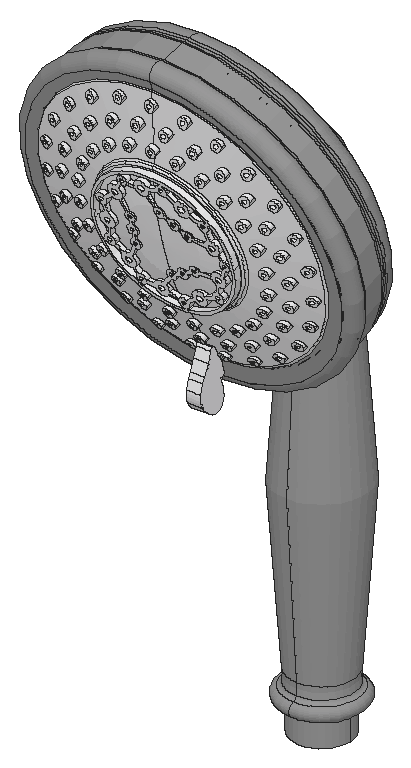
Revit family "Shower-Handshower-KOHLER-RAIN_DUET-K-98952T_1", category Plumbing Fixtures, host Face, Revit 2017 (continued)
Definition of nested family "K-98952T"
  Lines and regions (in)
    symbolic lines, detail levels medium+fine
      curve 340: spline (-1.76772, 0, 8.17619) -> (-1.77066, 0, 8.16777) -> (-1.77571, 0, 8.16058) -> (-1.7825, 0, 8.15515) -> (-1.79054, 0, 8.15185) -> (-1.79925, 0, 8.15093) -> (-1.808, 0, 8.15246) -> (-1.81617, 0, 8.15632) -> (-1.82316, 0, 8.16223) -> (-1.82846, 0, 8.16978) -> (-1.8317, 0, 8.17841) -> (-1.83265, 0, 8.1875) -> (-1.83122, 0, 8.1964)
      curve 341: spline (-1.87134, 0, 8.19255) -> (-1.86775, 0, 8.21065) -> (-1.8598, 0, 8.22699) -> (-1.848, 0, 8.24051) -> (-1.83313, 0, 8.25034) -> (-1.81612, 0, 8.25584) -> (-1.7981, 0, 8.25666) -> (-1.78021, 0, 8.25274) -> (-1.76361, 0, 8.24434) -> (-1.74938, 0, 8.23201) -> (-1.73844, 0, 8.21653) -> (-1.73148, 0, 8.1989) -> (-1.72896, 0, 8.18027)
      curve 342: spline (-1.72765, 0, 8.18013) -> (-1.73122, 0, 8.16204) -> (-1.73914, 0, 8.14571) -> (-1.75092, 0, 8.13219) -> (-1.76578, 0, 8.12237) -> (-1.78278, 0, 8.11687) -> (-1.8008, 0, 8.11606) -> (-1.81869, 0, 8.11997) -> (-1.8353, 0, 8.12837) -> (-1.84954, 0, 8.1407) -> (-1.8605, 0, 8.15617) -> (-1.86747, 0, 8.17379) -> (-1.87, 0, 8.19241)
      curve 343: spline (-1.76772, 0, 8.17619) -> (-1.77112, 0, 8.16849) -> (-1.77633, 0, 8.16204) -> (-1.78302, 0, 8.15723) -> (-1.79076, 0, 8.1544) -> (-1.79904, 0, 8.15371) -> (-1.80732, 0, 8.15521) -> (-1.81508, 0, 8.15881) -> (-1.8218, 0, 8.16428) -> (-1.82706, 0, 8.17125) -> (-1.83051, 0, 8.17928) -> (-1.83193, 0, 8.18785) -> (-1.83122, 0, 8.1964)
      curve 344: spline (-1.36501, 0, 7.89025) -> (-1.36223, 0, 7.90806) -> (-1.35488, 0, 7.92437) -> (-1.34347, 0, 7.93809) -> (-1.32876, 0, 7.94831) -> (-1.31172, 0, 7.95434) -> (-1.2935, 0, 7.95578) -> (-1.27532, 0, 7.95253) -> (-1.25839, 0, 7.94481) -> (-1.24384, 0, 7.93313) -> (-1.23264, 0, 7.91829) -> (-1.22555, 0, 7.90126) -> (-1.22304, 0, 7.88318)
      curve 345: spline (-1.2227, 0, 7.88316) -> (-1.22548, 0, 7.86537) -> (-1.23281, 0, 7.84906) -> (-1.24421, 0, 7.83535) -> (-1.25892, 0, 7.82514) -> (-1.27595, 0, 7.81911) -> (-1.29417, 0, 7.81768) -> (-1.31235, 0, 7.82092) -> (-1.32929, 0, 7.82864) -> (-1.34384, 0, 7.84031) -> (-1.35504, 0, 7.85515) -> (-1.36214, 0, 7.87217) -> (-1.36466, 0, 7.89023)
      curve 346: spline (-1.32459, 0, 7.89293) -> (-1.32214, 0, 7.9004) -> (-1.31781, 0, 7.90692) -> (-1.31189, 0, 7.91205) -> (-1.30477, 0, 7.91546) -> (-1.29694, 0, 7.91691) -> (-1.2889, 0, 7.91631) -> (-1.2812, 0, 7.9137) -> (-1.27434, 0, 7.90926) -> (-1.2688, 0, 7.90327) -> (-1.26492, 0, 7.89614) -> (-1.26298, 0, 7.88834) -> (-1.2631, 0, 7.88039)
      curve 347: spline (-1.2631, 0, 7.88039) -> (-1.26552, 0, 7.87288) -> (-1.26984, 0, 7.86631) -> (-1.27576, 0, 7.86113) -> (-1.2829, 0, 7.85769) -> (-1.29076, 0, 7.85622) -> (-1.29883, 0, 7.85682) -> (-1.30656, 0, 7.85944) -> (-1.31343, 0, 7.86392) -> (-1.31898, 0, 7.86994) -> (-1.32284, 0, 7.87711) -> (-1.32476, 0, 7.88495) -> (-1.32459, 0, 7.89293)
      curve 348: spline (-1.83257, 0, 8.18906) -> (-1.8309, 0, 8.1974) -> (-1.82723, 0, 8.20492) -> (-1.82179, 0, 8.21115) -> (-1.81494, 0, 8.21568) -> (-1.80711, 0, 8.21822) -> (-1.79881, 0, 8.21859) -> (-1.79057, 0, 8.21679) -> (-1.78294, 0, 8.21292) -> (-1.7764, 0, 8.20724) -> (-1.77137, 0, 8.20011) -> (-1.76818, 0, 8.19199) -> (-1.76703, 0, 8.18341)
      curve 349: spline (-1.65903, 0, 7.88939) -> (-1.65398, 0, 7.90663) -> (-1.64466, 0, 7.92176) -> (-1.63168, 0, 7.93379) -> (-1.61588, 0, 7.94192) -> (-1.5983, 0, 7.94564) -> (-1.5801, 0, 7.94468) -> (-1.56246, 0, 7.93912) -> (-1.54654, 0, 7.92933) -> (-1.53339, 0, 7.91593) -> (-1.52385, 0, 7.89982) -> (-1.51857, 0, 7.88203) -> (-1.51788, 0, 7.86375)
      curve 350: spline (-1.51788, 0, 7.86375) -> (-1.52289, 0, 7.84648) -> (-1.53219, 0, 7.83132) -> (-1.54517, 0, 7.81927) -> (-1.56098, 0, 7.81111) -> (-1.57858, 0, 7.80739) -> (-1.5968, 0, 7.80834) -> (-1.61447, 0, 7.81391) -> (-1.63041, 0, 7.82372) -> (-1.64358, 0, 7.83714) -> (-1.65311, 0, 7.85329) -> (-1.65837, 0, 7.8711) -> (-1.65903, 0, 7.88939)
      curve 351: spline (-1.62626, 0, 7.88337) -> (-1.62352, 0, 7.8926) -> (-1.61851, 0, 7.90069) -> (-1.61154, 0, 7.90712) -> (-1.60307, 0, 7.91146) -> (-1.59365, 0, 7.91343) -> (-1.58391, 0, 7.9129) -> (-1.57447, 0, 7.90991) -> (-1.56596, 0, 7.90466) -> (-1.55893, 0, 7.89747) -> (-1.55384, 0, 7.88883) -> (-1.55103, 0, 7.87931) -> (-1.55067, 0, 7.86951)
      curve 352: spline (-1.62626, 0, 7.88337) -> (-1.62396, 0, 7.89314) -> (-1.61914, 0, 7.9018) -> (-1.61215, 0, 7.90875) -> (-1.60347, 0, 7.91349) -> (-1.59373, 0, 7.91569) -> (-1.58361, 0, 7.9152) -> (-1.57382, 0, 7.91204) -> (-1.56505, 0, 7.90644) -> (-1.55793, 0, 7.89881) -> (-1.55295, 0, 7.88967) -> (-1.55048, 0, 7.87967) -> (-1.55067, 0, 7.86951)
      curve 353: spline (-1.85576, 0, 7.73439) -> (-1.85757, 0, 7.72615) -> (-1.86139, 0, 7.71881) -> (-1.86697, 0, 7.71283) -> (-1.87396, 0, 7.70861) -> (-1.88191, 0, 7.7064) -> (-1.89031, 0, 7.70635) -> (-1.89862, 0, 7.70847) -> (-1.90632, 0, 7.71261) -> (-1.91291, 0, 7.71851) -> (-1.91797, 0, 7.7258) -> (-1.92118, 0, 7.73401) -> (-1.92233, 0, 7.74261)
      curve 354: spline (-1.92233, 0, 7.74261) -> (-1.92052, 0, 7.75084) -> (-1.9167, 0, 7.75818) -> (-1.91112, 0, 7.76414) -> (-1.90414, 0, 7.76836) -> (-1.89619, 0, 7.77057) -> (-1.8878, 0, 7.77062) -> (-1.87949, 0, 7.7685) -> (-1.87179, 0, 7.76437) -> (-1.8652, 0, 7.75847) -> (-1.86014, 0, 7.75119) -> (-1.85692, 0, 7.74298) -> (-1.85576, 0, 7.73439)
      curve 355: spline (-1.96023, 0, 7.74745) -> (-1.9564, 0, 7.76502) -> (-1.94828, 0, 7.78066) -> (-1.93638, 0, 7.79339) -> (-1.92147, 0, 7.8024) -> (-1.9045, 0, 7.8071) -> (-1.88655, 0, 7.80719) -> (-1.86877, 0, 7.80268) -> (-1.85229, 0, 7.79385) -> (-1.83816, 0, 7.78126) -> (-1.82729, 0, 7.76572) -> (-1.82037, 0, 7.74821) -> (-1.81784, 0, 7.72987)
      curve 356: spline (-1.81784, 0, 7.72987) -> (-1.82166, 0, 7.71229) -> (-1.82977, 0, 7.69663) -> (-1.84167, 0, 7.68389) -> (-1.85658, 0, 7.67488) -> (-1.87356, 0, 7.67017) -> (-1.89151, 0, 7.67007) -> (-1.9093, 0, 7.67459) -> (-1.92579, 0, 7.68343) -> (-1.93992, 0, 7.69603) -> (-1.95079, 0, 7.71158) -> (-1.95771, 0, 7.7291) -> (-1.96023, 0, 7.74745)
      curve 357: spline (-1.4098, 0, 7.55644) -> (-1.40768, 0, 7.57411) -> (-1.40095, 0, 7.5904) -> (-1.39008, 0, 7.60423) -> (-1.37578, 0, 7.61468) -> (-1.35902, 0, 7.62105) -> (-1.34091, 0, 7.62291) -> (-1.32265, 0, 7.62015) -> (-1.30547, 0, 7.61293) -> (-1.29052, 0, 7.60176) -> (-1.27879, 0, 7.58736) -> (-1.27107, 0, 7.57071) -> (-1.26786, 0, 7.55292)
      curve 358: spline (-1.26786, 0, 7.55292) -> (-1.27002, 0, 7.53527) -> (-1.27677, 0, 7.51901) -> (-1.28765, 0, 7.5052) -> (-1.30194, 0, 7.49477) -> (-1.31869, 0, 7.48842) -> (-1.33678, 0, 7.48656) -> (-1.35501, 0, 7.48932) -> (-1.37217, 0, 7.49652) -> (-1.38711, 0, 7.50767) -> (-1.39884, 0, 7.52204) -> (-1.40657, 0, 7.53867) -> (-1.4098, 0, 7.55644)
      curve 359: spline (-1.37149, 0, 7.55541) -> (-1.3705, 0, 7.56355) -> (-1.3674, 0, 7.57105) -> (-1.36239, 0, 7.57742) -> (-1.35581, 0, 7.58223) -> (-1.3481, 0, 7.58516) -> (-1.33977, 0, 7.58602) -> (-1.33137, 0, 7.58475) -> (-1.32347, 0, 7.58143) -> (-1.3166, 0, 7.57628) -> (-1.31121, 0, 7.56966) -> (-1.30766, 0, 7.56199) -> (-1.30619, 0, 7.55379)
      curve 360: spline (-1.30619, 0, 7.55379) -> (-1.30719, 0, 7.54566) -> (-1.31029, 0, 7.53817) -> (-1.3153, 0, 7.5318) -> (-1.32188, 0, 7.527) -> (-1.32959, 0, 7.52407) -> (-1.33792, 0, 7.52321) -> (-1.34631, 0, 7.52448) -> (-1.3542, 0, 7.5278) -> (-1.36108, 0, 7.53294) -> (-1.36647, 0, 7.53956) -> (-1.37002, 0, 7.54722) -> (-1.37149, 0, 7.55541)
      curve 361: spline (-1.68514, 0, 7.48931) -> (-1.68345, 0, 7.50704) -> (-1.67721, 0, 7.52342) -> (-1.66682, 0, 7.53735) -> (-1.65297, 0, 7.54794) -> (-1.63657, 0, 7.55448) -> (-1.61869, 0, 7.55655) -> (-1.60051, 0, 7.55401) -> (-1.58321, 0, 7.54703) -> (-1.56794, 0, 7.53606) -> (-1.55569, 0, 7.52183) -> (-1.54727, 0, 7.50526) -> (-1.54323, 0, 7.48745)
      curve 362: spline (-1.54323, 0, 7.48745) -> (-1.54498, 0, 7.46975) -> (-1.55126, 0, 7.45342) -> (-1.56166, 0, 7.43952) -> (-1.5755, 0, 7.42897) -> (-1.59188, 0, 7.42245) -> (-1.60972, 0, 7.42039) -> (-1.62787, 0, 7.42292) -> (-1.64513, 0, 7.42988) -> (-1.66038, 0, 7.44081) -> (-1.67263, 0, 7.45501) -> (-1.68106, 0, 7.47153) -> (-1.68514, 0, 7.48931)
      curve 363: spline (-1.64565, 0, 7.48874) -> (-1.64488, 0, 7.49662) -> (-1.64209, 0, 7.50388) -> (-1.63747, 0, 7.51007) -> (-1.63133, 0, 7.51476) -> (-1.62406, 0, 7.51767) -> (-1.61613, 0, 7.51859) -> (-1.60808, 0, 7.51746) -> (-1.60043, 0, 7.51436) -> (-1.59367, 0, 7.5095) -> (-1.58825, 0, 7.50318) -> (-1.58453, 0, 7.49583) -> (-1.58274, 0, 7.48793)
      curve 364: spline (-1.64565, 0, 7.48874) -> (-1.64533, 0, 7.49701) -> (-1.64281, 0, 7.50472) -> (-1.63826, 0, 7.51135) -> (-1.63201, 0, 7.51641) -> (-1.6245, 0, 7.51955) -> (-1.61626, 0, 7.52055) -> (-1.60789, 0, 7.51934) -> (-1.59996, 0, 7.516) -> (-1.59305, 0, 7.51076) -> (-1.58764, 0, 7.50401) -> (-1.58412, 0, 7.49621) -> (-1.58274, 0, 7.48793)
      curve 365: spline (-1.58274, 0, 7.48612) -> (-1.58398, 0, 7.47835) -> (-1.58721, 0, 7.47129) -> (-1.5922, 0, 7.46542) -> (-1.59864, 0, 7.46111) -> (-1.6061, 0, 7.45864) -> (-1.6141, 0, 7.45819) -> (-1.62211, 0, 7.45977) -> (-1.6296, 0, 7.46329) -> (-1.63609, 0, 7.46852) -> (-1.64115, 0, 7.4751) -> (-1.64445, 0, 7.48262) -> (-1.64578, 0, 7.49057)
      curve 366: spline (-1.92809, 0, 7.28019) -> (-1.92789, 0, 7.29802) -> (-1.92313, 0, 7.31471) -> (-1.91413, 0, 7.32919) -> (-1.90147, 0, 7.34053) -> (-1.88596, 0, 7.34799) -> (-1.8686, 0, 7.3511) -> (-1.85051, 0, 7.34966) -> (-1.83285, 0, 7.34376) -> (-1.81677, 0, 7.33377) -> (-1.80329, 0, 7.32035) -> (-1.7933, 0, 7.30435) -> (-1.78742, 0, 7.28681)
      curve 367: spline (-1.89386, 0, 7.28183) -> (-1.89371, 0, 7.29098) -> (-1.89124, 0, 7.29954) -> (-1.88661, 0, 7.30697) -> (-1.88011, 0, 7.31279) -> (-1.87217, 0, 7.31663) -> (-1.86329, 0, 7.31825) -> (-1.85403, 0, 7.31753) -> (-1.84501, 0, 7.31453) -> (-1.83678, 0, 7.30943) -> (-1.82989, 0, 7.30257) -> (-1.82476, 0, 7.29438) -> (-1.82174, 0, 7.28539)
      curve 368: spline (-1.82174, 0, 7.28539) -> (-1.8219, 0, 7.27625) -> (-1.82437, 0, 7.2677) -> (-1.829, 0, 7.26027) -> (-1.8355, 0, 7.25446) -> (-1.84344, 0, 7.25062) -> (-1.85231, 0, 7.24901) -> (-1.86156, 0, 7.24973) -> (-1.87058, 0, 7.25273) -> (-1.8788, 0, 7.25782) -> (-1.8857, 0, 7.26467) -> (-1.89083, 0, 7.27285) -> (-1.89386, 0, 7.28183)
      curve 369: spline (-1.78742, 0, 7.28681) -> (-1.78777, 0, 7.26907) -> (-1.79262, 0, 7.25247) -> (-1.80167, 0, 7.23809) -> (-1.81433, 0, 7.22684) -> (-1.82979, 0, 7.21943) -> (-1.84708, 0, 7.21634) -> (-1.86508, 0, 7.21777) -> (-1.88266, 0, 7.22362) -> (-1.89868, 0, 7.23353) -> (-1.91213, 0, 7.24685) -> (-1.92214, 0, 7.26274) -> (-1.92809, 0, 7.28019)
      curve 370: spline (-1.36466, 0, 7.2243) -> (-1.36223, 0, 7.24158) -> (-1.35521, 0, 7.2574) -> (-1.34408, 0, 7.2707) -> (-1.32958, 0, 7.28058) -> (-1.31267, 0, 7.2864) -> (-1.2945, 0, 7.28776) -> (-1.27627, 0, 7.28456) -> (-1.2592, 0, 7.27703) -> (-1.24444, 0, 7.26567) -> (-1.23297, 0, 7.25123) -> (-1.22556, 0, 7.23468) -> (-1.2227, 0, 7.21713)
      curve 371: spline (-1.22318, 0, 7.21715) -> (-1.22563, 0, 7.19984) -> (-1.23267, 0, 7.184) -> (-1.24381, 0, 7.17068) -> (-1.25833, 0, 7.16077) -> (-1.27524, 0, 7.15494) -> (-1.29342, 0, 7.15358) -> (-1.31164, 0, 7.15678) -> (-1.3287, 0, 7.16432) -> (-1.34346, 0, 7.17571) -> (-1.35492, 0, 7.19017) -> (-1.36231, 0, 7.20674) -> (-1.36516, 0, 7.22432)
      curve 372: spline (-1.32452, 0, 7.21538) -> (-1.32526, 0, 7.2232) -> (-1.3239, 0, 7.23081) -> (-1.32054, 0, 7.23772) -> (-1.31539, 0, 7.24345) -> (-1.3088, 0, 7.24763) -> (-1.30121, 0, 7.24997) -> (-1.29313, 0, 7.25032) -> (-1.28509, 0, 7.24866) -> (-1.27764, 0, 7.24509) -> (-1.27127, 0, 7.23986) -> (-1.2664, 0, 7.23331) -> (-1.26336, 0, 7.22589)
      curve 373: spline (-1.26336, 0, 7.22589) -> (-1.26259, 0, 7.21806) -> (-1.26394, 0, 7.21044) -> (-1.26729, 0, 7.20352) -> (-1.27244, 0, 7.19778) -> (-1.27903, 0, 7.19359) -> (-1.28663, 0, 7.19125) -> (-1.29473, 0, 7.19089) -> (-1.30278, 0, 7.19256) -> (-1.31024, 0, 7.19614) -> (-1.31662, 0, 7.20138) -> (-1.32149, 0, 7.20794) -> (-1.32452, 0, 7.21538)
      curve 374: spline (-1.60646, 0, 7.10981) -> (-1.60408, 0, 7.12695) -> (-1.59716, 0, 7.14253) -> (-1.58616, 0, 7.15552) -> (-1.57181, 0, 7.16507) -> (-1.55506, 0, 7.17054) -> (-1.53701, 0, 7.17158) -> (-1.51885, 0, 7.16811) -> (-1.50178, 0, 7.16036) -> (-1.48692, 0, 7.14885) -> (-1.47527, 0, 7.13433) -> (-1.46757, 0, 7.11776) -> (-1.46435, 0, 7.10024)
      curve 375: spline (-1.4653, 0, 7.1003) -> (-1.46772, 0, 7.08312) -> (-1.47466, 0, 7.06751) -> (-1.48568, 0, 7.05449) -> (-1.50004, 0, 7.04493) -> (-1.5168, 0, 7.03945) -> (-1.53486, 0, 7.03841) -> (-1.55302, 0, 7.04188) -> (-1.57008, 0, 7.04964) -> (-1.58492, 0, 7.06117) -> (-1.59656, 0, 7.07571) -> (-1.60424, 0, 7.09231) -> (-1.60744, 0, 7.10986)
      curve 376: spline (-1.56768, 0, 7.09894) -> (-1.56872, 0, 7.10713) -> (-1.5676, 0, 7.11513) -> (-1.56437, 0, 7.12239) -> (-1.55925, 0, 7.12845) -> (-1.55257, 0, 7.13291) -> (-1.54479, 0, 7.13548) -> (-1.5364, 0, 7.13597) -> (-1.52796, 0, 7.13437) -> (-1.52003, 0, 7.13077) -> (-1.51313, 0, 7.12542) -> (-1.50771, 0, 7.11867) -> (-1.50413, 0, 7.11095)
      curve 377: spline (-1.56768, 0, 7.09894) -> (-1.56918, 0, 7.10738) -> (-1.56837, 0, 7.11571) -> (-1.56528, 0, 7.12334) -> (-1.56015, 0, 7.12973) -> (-1.55332, 0, 7.13443) -> (-1.54529, 0, 7.13711) -> (-1.53661, 0, 7.13759) -> (-1.52789, 0, 7.13583) -> (-1.51976, 0, 7.13194) -> (-1.51278, 0, 7.12622) -> (-1.50745, 0, 7.11906) -> (-1.50413, 0, 7.11095)
      curve 378: spline (-1.50306, 0, 7.10271) -> (-1.50419, 0, 7.09471) -> (-1.50742, 0, 7.08744) -> (-1.51255, 0, 7.08138) -> (-1.51924, 0, 7.07693) -> (-1.52703, 0, 7.07438) -> (-1.53543, 0, 7.07389) -> (-1.54388, 0, 7.07551) -> (-1.55181, 0, 7.07912) -> (-1.55871, 0, 7.08449) -> (-1.56412, 0, 7.09126) -> (-1.56769, 0, 7.09899) -> (-1.56917, 0, 7.10716)
      curve 379: spline (-1.78152, 0, 6.85654) -> (-1.77942, 0, 6.87338) -> (-1.77281, 0, 6.8886) -> (-1.7621, 0, 6.9012) -> (-1.74802, 0, 6.91036) -> (-1.73147, 0, 6.91548) -> (-1.71353, 0, 6.91622) -> (-1.69539, 0, 6.91253) -> (-1.67822, 0, 6.90467) -> (-1.66315, 0, 6.89313) -> (-1.65116, 0, 6.87868) -> (-1.64304, 0, 6.86226) -> (-1.63931, 0, 6.84493)
      curve 380: spline (-1.64119, 0, 6.84507) -> (-1.64332, 0, 6.82818) -> (-1.64998, 0, 6.81292) -> (-1.66071, 0, 6.80029) -> (-1.67481, 0, 6.79111) -> (-1.69138, 0, 6.78598) -> (-1.70932, 0, 6.78523) -> (-1.72746, 0, 6.78892) -> (-1.74461, 0, 6.7968) -> (-1.75967, 0, 6.80836) -> (-1.77164, 0, 6.82285) -> (-1.77974, 0, 6.83931) -> (-1.78344, 0, 6.85668)
      curve 381: spline (-1.74446, 0, 6.85338) -> (-1.74344, 0, 6.86136) -> (-1.7403, 0, 6.86857) -> (-1.73523, 0, 6.87455) -> (-1.72857, 0, 6.87889) -> (-1.72075, 0, 6.88132) -> (-1.71229, 0, 6.88167) -> (-1.70373, 0, 6.87993) -> (-1.69564, 0, 6.8762) -> (-1.68855, 0, 6.87074) -> (-1.68292, 0, 6.86389) -> (-1.67911, 0, 6.85611) -> (-1.67738, 0, 6.8479)
      curve 382: spline (-1.67827, 0, 6.84797) -> (-1.67928, 0, 6.83999) -> (-1.68242, 0, 6.83279) -> (-1.68749, 0, 6.82682) -> (-1.69415, 0, 6.82248) -> (-1.70196, 0, 6.82006) -> (-1.71042, 0, 6.8197) -> (-1.71898, 0, 6.82145) -> (-1.72707, 0, 6.82517) -> (-1.73417, 0, 6.83063) -> (-1.73981, 0, 6.83747) -> (-1.74362, 0, 6.84524) -> (-1.74536, 0, 6.85344)
      curve 383: spline (-1.43512, 0, 6.75877) -> (-1.43311, 0, 6.77555) -> (-1.42648, 0, 6.79086) -> (-1.41567, 0, 6.80368) -> (-1.40141, 0, 6.81314) -> (-1.38464, 0, 6.81862) -> (-1.36651, 0, 6.81974) -> (-1.34821, 0, 6.81643) -> (-1.33098, 0, 6.80891) -> (-1.31597, 0, 6.79769) -> (-1.30419, 0, 6.78352) -> (-1.29642, 0, 6.76734) -> (-1.29319, 0, 6.75025)
      curve 384: spline (-1.29463, 0, 6.75033) -> (-1.29667, 0, 6.7335) -> (-1.30333, 0, 6.71814) -> (-1.31416, 0, 6.70528) -> (-1.32845, 0, 6.69579) -> (-1.34522, 0, 6.69029) -> (-1.36336, 0, 6.68917) -> (-1.38166, 0, 6.69248) -> (-1.39888, 0, 6.70002) -> (-1.41388, 0, 6.71127) -> (-1.42564, 0, 6.72548) -> (-1.43338, 0, 6.74171) -> (-1.43659, 0, 6.75886)
      curve 385: spline (-1.39778, 0, 6.75641) -> (-1.39682, 0, 6.7643) -> (-1.3937, 0, 6.7715) -> (-1.38862, 0, 6.77753) -> (-1.38193, 0, 6.78198) -> (-1.37408, 0, 6.78456) -> (-1.36558, 0, 6.78509) -> (-1.35701, 0, 6.78353) -> (-1.34894, 0, 6.78) -> (-1.34192, 0, 6.77472) -> (-1.33642, 0, 6.76806) -> (-1.3328, 0, 6.76045) -> (-1.3313, 0, 6.75242)
      curve 386: spline (-1.33198, 0, 6.75245) -> (-1.33293, 0, 6.74457) -> (-1.33605, 0, 6.73738) -> (-1.34112, 0, 6.73136) -> (-1.34781, 0, 6.72691) -> (-1.35567, 0, 6.72434) -> (-1.36416, 0, 6.72381) -> (-1.37273, 0, 6.72537) -> (-1.3808, 0, 6.72889) -> (-1.38782, 0, 6.73416) -> (-1.39334, 0, 6.74082) -> (-1.39696, 0, 6.74842) -> (-1.39847, 0, 6.75645)
      curve 387: spline (-1.23163, 0, 6.91434) -> (-1.22942, 0, 6.93134) -> (-1.22259, 0, 6.94694) -> (-1.21158, 0, 6.96008) -> (-1.19713, 0, 6.96989) -> (-1.18023, 0, 6.97569) -> (-1.16201, 0, 6.97711) -> (-1.14371, 0, 6.97403) -> (-1.12654, 0, 6.96667) -> (-1.11168, 0, 6.95553) -> (-1.10013, 0, 6.94135) -> (-1.09266, 0, 6.9251) -> (-1.08978, 0, 6.90787)
      curve 388: spline (-1.09057, 0, 6.9079) -> (-1.0928, 0, 6.89085) -> (-1.09966, 0, 6.8752) -> (-1.11069, 0, 6.86201) -> (-1.12515, 0, 6.85218) -> (-1.14206, 0, 6.84636) -> (-1.16028, 0, 6.84494) -> (-1.17859, 0, 6.84802) -> (-1.19574, 0, 6.8554) -> (-1.21059, 0, 6.86657) -> (-1.22213, 0, 6.88079) -> (-1.22958, 0, 6.89709) -> (-1.23245, 0, 6.91437)
      curve 389: spline (-1.19411, 0, 6.91251) -> (-1.19306, 0, 6.92049) -> (-1.18985, 0, 6.92782) -> (-1.18469, 0, 6.93399) -> (-1.17792, 0, 6.9386) -> (-1.17001, 0, 6.94132) -> (-1.16148, 0, 6.94199) -> (-1.15292, 0, 6.94054) -> (-1.14489, 0, 6.93709) -> (-1.13794, 0, 6.93186) -> (-1.13255, 0, 6.9252) -> (-1.12906, 0, 6.91757) -> (-1.12772, 0, 6.90948)
      curve 390: spline (-1.1281, 0, 6.9095) -> (-1.12914, 0, 6.90152) -> (-1.13234, 0, 6.89421) -> (-1.1375, 0, 6.88804) -> (-1.14427, 0, 6.88344) -> (-1.15218, 0, 6.88072) -> (-1.16071, 0, 6.88006) -> (-1.16927, 0, 6.8815) -> (-1.1773, 0, 6.88495) -> (-1.18425, 0, 6.89017) -> (-1.18965, 0, 6.89682) -> (-1.19314, 0, 6.90444) -> (-1.19449, 0, 6.91252)
      curve 391: spline (-1.52818, 0, 6.46993) -> (-1.52663, 0, 6.48631) -> (-1.52041, 0, 6.50121) -> (-1.50994, 0, 6.51363) -> (-1.49592, 0, 6.52273) -> (-1.47929, 0, 6.52791) -> (-1.46118, 0, 6.5288) -> (-1.4428, 0, 6.52536) -> (-1.42539, 0, 6.51781) -> (-1.41012, 0, 6.50666) -> (-1.39802, 0, 6.49266) -> (-1.3899, 0, 6.47676) -> (-1.38631, 0, 6.46002)
      curve 392: spline (-1.38876, 0, 6.46019) -> (-1.39034, 0, 6.44374) -> (-1.39659, 0, 6.42878) -> (-1.40709, 0, 6.41631) -> (-1.42114, 0, 6.40717) -> (-1.43778, 0, 6.40197) -> (-1.4559, 0, 6.40107) -> (-1.47428, 0, 6.40452) -> (-1.49168, 0, 6.41209) -> (-1.50694, 0, 6.42328) -> (-1.51902, 0, 6.43733) -> (-1.52711, 0, 6.4533) -> (-1.53067, 0, 6.4701)
      curve 393: spline (-1.49018, 0, 6.46715) -> (-1.48946, 0, 6.47463) -> (-1.48661, 0, 6.48145) -> (-1.48183, 0, 6.48713) -> (-1.47544, 0, 6.49129) -> (-1.46787, 0, 6.49366) -> (-1.45963, 0, 6.49407) -> (-1.45127, 0, 6.4925) -> (-1.44336, 0, 6.48905) -> (-1.43642, 0, 6.48395) -> (-1.43093, 0, 6.47756) -> (-1.42726, 0, 6.47029) -> (-1.42564, 0, 6.46264)
      curve 394: spline (-1.42676, 0, 6.46272) -> (-1.42748, 0, 6.45524) -> (-1.43032, 0, 6.44844) -> (-1.4351, 0, 6.44277) -> (-1.44148, 0, 6.43861) -> (-1.44905, 0, 6.43625) -> (-1.45729, 0, 6.43584) -> (-1.46565, 0, 6.43741) -> (-1.47357, 0, 6.44085) -> (-1.48051, 0, 6.44594) -> (-1.486, 0, 6.45233) -> (-1.48969, 0, 6.45958) -> (-1.49131, 0, 6.46722)
      curve 395: spline (-1.17634, 0, 6.45735) -> (-1.17463, 0, 6.47379) -> (-1.16819, 0, 6.48888) -> (-1.15747, 0, 6.50159) -> (-1.14319, 0, 6.51105) -> (-1.12634, 0, 6.51661) -> (-1.10806, 0, 6.51789) -> (-1.08961, 0, 6.51481) -> (-1.07224, 0, 6.50757) -> (-1.05715, 0, 6.49668) -> (-1.04537, 0, 6.48287) -> (-1.03769, 0, 6.46709) -> (-1.03466, 0, 6.45041)
      curve 396: spline (-1.03627, 0, 6.45049) -> (-1.038, 0, 6.43399) -> (-1.04445, 0, 6.41884) -> (-1.0552, 0, 6.40607) -> (-1.06949, 0, 6.39658) -> (-1.08635, 0, 6.39099) -> (-1.10464, 0, 6.3897) -> (-1.12309, 0, 6.39279) -> (-1.14046, 0, 6.40005) -> (-1.15554, 0, 6.41099) -> (-1.16731, 0, 6.42485) -> (-1.17496, 0, 6.44069) -> (-1.17797, 0, 6.45743)
      curve 397: spline (-1.13896, 0, 6.45541) -> (-1.13815, 0, 6.46311) -> (-1.13514, 0, 6.47018) -> (-1.13013, 0, 6.47613) -> (-1.12346, 0, 6.48056) -> (-1.1156, 0, 6.48316) -> (-1.10707, 0, 6.48377) -> (-1.09847, 0, 6.48233) -> (-1.09037, 0, 6.47894) -> (-1.08334, 0, 6.47384) -> (-1.07785, 0, 6.46737) -> (-1.07429, 0, 6.45998) -> (-1.07288, 0, 6.45218)
      curve 398: spline (-1.07364, 0, 6.45221) -> (-1.07444, 0, 6.44453) -> (-1.07745, 0, 6.43747) -> (-1.08245, 0, 6.43153) -> (-1.08912, 0, 6.4271) -> (-1.09698, 0, 6.4245) -> (-1.10551, 0, 6.4239) -> (-1.11411, 0, 6.42534) -> (-1.12221, 0, 6.42872) -> (-1.12925, 0, 6.43382) -> (-1.13474, 0, 6.44027) -> (-1.13831, 0, 6.44765) -> (-1.13972, 0, 6.45545)
      curve 399: spline (-1.01836, 0, 6.64779) -> (-1.01427, 0, 6.67075) -> (-1.00143, 0, 6.69037) -> (-0.98154, 0, 6.70407) -> (-0.95719, 0, 6.71007) -> (-0.93158, 0, 6.70756) -> (-0.90804, 0, 6.6969) -> (-0.88968, 0, 6.67946) -> (-0.87888, 0, 6.65753) -> (-0.87707, 0, 6.63399) -> (-0.88448, 0, 6.61191) -> (-0.90014, 0, 6.59419) -> (-0.922, 0, 6.58315)
      curve 400: spline (-0.922, 0, 6.58315) -> (-0.9329, 0, 6.58064) -> (-0.9442, 0, 6.5798) -> (-0.95561, 0, 6.58066) -> (-0.96683, 0, 6.58318) -> (-0.97757, 0, 6.58731) -> (-0.98756, 0, 6.59294) -> (-0.99654, 0, 6.59992) -> (-1.00427, 0, 6.60807) -> (-1.01055, 0, 6.61718) -> (-1.01522, 0, 6.62702) -> (-1.01816, 0, 6.63732) -> (-1.01929, 0, 6.64782)
      curve 401: spline (-0.95622, 0, 6.67398) -> (-0.95146, 0, 6.67456) -> (-0.9466, 0, 6.67447) -> (-0.94178, 0, 6.67371) -> (-0.93709, 0, 6.67228) -> (-0.93264, 0, 6.67024) -> (-0.92854, 0, 6.66761) -> (-0.92489, 0, 6.66447) -> (-0.92175, 0, 6.66088) -> (-0.91922, 0, 6.65693) -> (-0.91733, 0, 6.65271) -> (-0.91615, 0, 6.64831) -> (-0.91569, 0, 6.64384)
      curve 402: spline (-0.91611, 0, 6.64385) -> (-0.91807, 0, 6.63318) -> (-0.92417, 0, 6.62414) -> (-0.93359, 0, 6.61798) -> (-0.94501, 0, 6.61555) -> (-0.95686, 0, 6.61717) -> (-0.96752, 0, 6.62263) -> (-0.97551, 0, 6.63118) -> (-0.97974, 0, 6.64163) -> (-0.97962, 0, 6.65255) -> (-0.97516, 0, 6.66244) -> (-0.96699, 0, 6.66992) -> (-0.95622, 0, 6.67398)
      curve 403: spline (-0.73992, 0, 6.44225) -> (-0.73799, 0, 6.45879) -> (-0.73131, 0, 6.47411) -> (-0.72034, 0, 6.48714) -> (-0.70583, 0, 6.49699) -> (-0.6888, 0, 6.50297) -> (-0.67041, 0, 6.50468) -> (-0.65193, 0, 6.50199) -> (-0.63464, 0, 6.49509) -> (-0.61973, 0, 6.48446) -> (-0.60823, 0, 6.47083) -> (-0.60094, 0, 6.45514) -> (-0.59835, 0, 6.43847)
      curve 404: spline (-0.59916, 0, 6.43849) -> (-0.60109, 0, 6.42189) -> (-0.60778, 0, 6.40651) -> (-0.61876, 0, 6.39343) -> (-0.63327, 0, 6.38354) -> (-0.65032, 0, 6.37753) -> (-0.66872, 0, 6.37582) -> (-0.6872, 0, 6.37852) -> (-0.7045, 0, 6.38544) -> (-0.7194, 0, 6.39611) -> (-0.73089, 0, 6.40979) -> (-0.73816, 0, 6.42554) -> (-0.74073, 0, 6.44227)
      curve 405: spline (-0.70419, 0, 6.44121) -> (-0.70323, 0, 6.44938) -> (-0.69994, 0, 6.45695) -> (-0.69453, 0, 6.46338) -> (-0.68739, 0, 6.46825) -> (-0.679, 0, 6.47121) -> (-0.66994, 0, 6.47205) -> (-0.66084, 0, 6.47072) -> (-0.65233, 0, 6.46732) -> (-0.64499, 0, 6.46207) -> (-0.63934, 0, 6.45533) -> (-0.63575, 0, 6.44758) -> (-0.63449, 0, 6.43935)
      curve 406: spline (-0.63488, 0, 6.43936) -> (-0.63583, 0, 6.4312) -> (-0.63912, 0, 6.42364) -> (-0.64453, 0, 6.41721) -> (-0.65167, 0, 6.41235) -> (-0.66006, 0, 6.4094) -> (-0.66912, 0, 6.40856) -> (-0.67822, 0, 6.40988) -> (-0.68673, 0, 6.41329) -> (-0.69407, 0, 6.41853) -> (-0.69973, 0, 6.42525) -> (-0.70332, 0, 6.43299) -> (-0.70458, 0, 6.44122)
      curve 407: spline (-0.41701, 0, 6.31183) -> (-0.41505, 0, 6.32826) -> (-0.4083, 0, 6.34355) -> (-0.39723, 0, 6.35664) -> (-0.38262, 0, 6.36661) -> (-0.36548, 0, 6.37278) -> (-0.34701, 0, 6.37471) -> (-0.32848, 0, 6.37227) -> (-0.3112, 0, 6.36562) -> (-0.29635, 0, 6.35524) -> (-0.28499, 0, 6.34184) -> (-0.27789, 0, 6.32636) -> (-0.27555, 0, 6.30987)
      curve 408: spline (-0.27603, 0, 6.30987) -> (-0.27798, 0, 6.2934) -> (-0.28472, 0, 6.27807) -> (-0.29578, 0, 6.26494) -> (-0.3104, 0, 6.25494) -> (-0.32755, 0, 6.24875) -> (-0.34603, 0, 6.24682) -> (-0.36457, 0, 6.24927) -> (-0.38186, 0, 6.25593) -> (-0.39671, 0, 6.26634) -> (-0.40807, 0, 6.27978) -> (-0.41515, 0, 6.2953) -> (-0.41747, 0, 6.31183)
      curve 409: spline (-0.38023, 0, 6.31687) -> (-0.37763, 0, 6.32452) -> (-0.37285, 0, 6.33125) -> (-0.36622, 0, 6.33659) -> (-0.3582, 0, 6.34016) -> (-0.34936, 0, 6.34171) -> (-0.34031, 0, 6.34113) -> (-0.33169, 0, 6.33847) -> (-0.3241, 0, 6.33391) -> (-0.31806, 0, 6.32777) -> (-0.31401, 0, 6.32047) -> (-0.31222, 0, 6.31254) -> (-0.31281, 0, 6.30452)
      curve 410: spline (-0.31281, 0, 6.30452) -> (-0.31544, 0, 6.2969) -> (-0.32024, 0, 6.29021) -> (-0.32687, 0, 6.28492) -> (-0.33487, 0, 6.28138) -> (-0.34368, 0, 6.27985) -> (-0.3527, 0, 6.28043) -> (-0.3613, 0, 6.28307) -> (-0.36888, 0, 6.28761) -> (-0.37491, 0, 6.29372) -> (-0.37897, 0, 6.30097) -> (-0.38079, 0, 6.30887) -> (-0.38023, 0, 6.31687)
      curve 411: spline (-0.70907, 0, 6.22452) -> (-0.71064, 0, 6.20829) -> (-0.71704, 0, 6.19328) -> (-0.72781, 0, 6.18054) -> (-0.74221, 0, 6.17096) -> (-0.75923, 0, 6.16521) -> (-0.77768, 0, 6.16368) -> (-0.79627, 0, 6.16649) -> (-0.81371, 0, 6.17344) -> (-0.82878, 0, 6.18404) -> (-0.84043, 0, 6.19756) -> (-0.84784, 0, 6.21305) -> (-0.8505, 0, 6.22943)
      curve 412: spline (-0.84912, 0, 6.22938) -> (-0.84754, 0, 6.24555) -> (-0.84115, 0, 6.2605) -> (-0.83038, 0, 6.27319) -> (-0.816, 0, 6.28273) -> (-0.79899, 0, 6.28846) -> (-0.78056, 0, 6.28997) -> (-0.76197, 0, 6.28717) -> (-0.74453, 0, 6.28025) -> (-0.72946, 0, 6.26969) -> (-0.7178, 0, 6.25623) -> (-0.71037, 0, 6.2408) -> (-0.70768, 0, 6.22448)
      curve 413: spline (-0.81045, 0, 6.22794) -> (-0.80974, 0, 6.23521) -> (-0.80687, 0, 6.24193) -> (-0.80204, 0, 6.24763) -> (-0.7956, 0, 6.25192) -> (-0.78798, 0, 6.2545) -> (-0.77971, 0, 6.25518) -> (-0.77139, 0, 6.25392) -> (-0.76358, 0, 6.25081) -> (-0.75683, 0, 6.24607) -> (-0.75161, 0, 6.24001) -> (-0.74829, 0, 6.23308) -> (-0.74709, 0, 6.22575)
      curve 414: spline (-0.74772, 0, 6.22577) -> (-0.74842, 0, 6.21851) -> (-0.75129, 0, 6.2118) -> (-0.75611, 0, 6.2061) -> (-0.76256, 0, 6.20182) -> (-0.77018, 0, 6.19924) -> (-0.77844, 0, 6.19856) -> (-0.78677, 0, 6.19982) -> (-0.79458, 0, 6.20293) -> (-0.80133, 0, 6.20767) -> (-0.80655, 0, 6.21371) -> (-0.80987, 0, 6.22064) -> (-0.81107, 0, 6.22796)
      curve 415: spline (-1.14838, 0, 6.15426) -> (-1.14775, 0, 6.16263) -> (-1.1446, 0, 6.17031) -> (-1.13915, 0, 6.17678) -> (-1.13178, 0, 6.18157) -> (-1.123, 0, 6.18437) -> (-1.11342, 0, 6.18497) -> (-1.10372, 0, 6.18333) -> (-1.09455, 0, 6.17957) -> (-1.08657, 0, 6.17395) -> (-1.08032, 0, 6.16686) -> (-1.07624, 0, 6.15879) -> (-1.07462, 0, 6.1503)
      curve 416: spline (-1.07592, 0, 6.15037) -> (-1.07654, 0, 6.14202) -> (-1.07969, 0, 6.13435) -> (-1.08513, 0, 6.12789) -> (-1.0925, 0, 6.1231) -> (-1.10128, 0, 6.12031) -> (-1.11085, 0, 6.11971) -> (-1.12057, 0, 6.12135) -> (-1.12973, 0, 6.1251) -> (-1.13772, 0, 6.13072) -> (-1.14398, 0, 6.1378) -> (-1.14806, 0, 6.14586) -> (-1.14969, 0, 6.15433)
      curve 417: spline (-1.18168, 0, 6.15615) -> (-1.18049, 0, 6.17212) -> (-1.17447, 0, 6.18677) -> (-1.16404, 0, 6.1991) -> (-1.14992, 0, 6.20824) -> (-1.1331, 0, 6.21357) -> (-1.11475, 0, 6.21471) -> (-1.09613, 0, 6.21159) -> (-1.07854, 0, 6.20441) -> (-1.06321, 0, 6.19368) -> (-1.05121, 0, 6.18015) -> (-1.04335, 0, 6.16475) -> (-1.0402, 0, 6.14856)
      curve 418: spline (-1.04264, 0, 6.14868) -> (-1.04384, 0, 6.13265) -> (-1.04988, 0, 6.11793) -> (-1.06032, 0, 6.10554) -> (-1.07446, 0, 6.09635) -> (-1.09129, 0, 6.09099) -> (-1.10966, 0, 6.08984) -> (-1.12829, 0, 6.09298) -> (-1.14587, 0, 6.10018) -> (-1.16119, 0, 6.11096) -> (-1.17318, 0, 6.12455) -> (-1.18101, 0, 6.14002) -> (-1.18413, 0, 6.15628)
      curve 419: spline (-0.76532, 0, 5.93783) -> (-0.7642, 0, 5.95348) -> (-0.75813, 0, 5.968) -> (-0.74754, 0, 5.98035) -> (-0.73319, 0, 5.98965) -> (-0.7161, 0, 5.99524) -> (-0.6975, 0, 5.99672) -> (-0.6787, 0, 5.99397) -> (-0.66107, 0, 5.98721) -> (-0.64584, 0, 5.97691) -> (-0.63411, 0, 5.9638) -> (-0.62673, 0, 5.94883) -> (-0.62421, 0, 5.93306)
      curve 420: spline (-0.62601, 0, 5.9331) -> (-0.62711, 0, 5.91739) -> (-0.63318, 0, 5.90281) -> (-0.64377, 0, 5.8904) -> (-0.65813, 0, 5.88106) -> (-0.67524, 0, 5.87544) -> (-0.69386, 0, 5.87396) -> (-0.71266, 0, 5.87671) -> (-0.73031, 0, 5.8835) -> (-0.74553, 0, 5.89385) -> (-0.75725, 0, 5.90701) -> (-0.76461, 0, 5.92204) -> (-0.7671, 0, 5.93787)
      curve 421: spline (-0.72646, 0, 5.9448) -> (-0.72331, 0, 5.95128) -> (-0.71814, 0, 5.9567) -> (-0.71134, 0, 5.96066) -> (-0.70338, 0, 5.96287) -> (-0.69484, 0, 5.96319) -> (-0.68633, 0, 5.96157) -> (-0.67847, 0, 5.95815) -> (-0.67181, 0, 5.95317) -> (-0.66684, 0, 5.94698) -> (-0.66391, 0, 5.94002) -> (-0.66323, 0, 5.93281) -> (-0.66485, 0, 5.92585)
      curve 422: spline (-0.66485, 0, 5.92585) -> (-0.66802, 0, 5.91939) -> (-0.67319, 0, 5.914) -> (-0.68, 0, 5.91006) -> (-0.68795, 0, 5.90787) -> (-0.69647, 0, 5.90756) -> (-0.70497, 0, 5.90918) -> (-0.71282, 0, 5.91259) -> (-0.71947, 0, 5.91756) -> (-0.72444, 0, 5.92373) -> (-0.72738, 0, 5.93066) -> (-0.72807, 0, 5.93786) -> (-0.72646, 0, 5.9448)
      curve 423: spline (-0.30654, 0, 5.82661) -> (-0.30353, 0, 5.84194) -> (-0.2956, 0, 5.85595) -> (-0.28334, 0, 5.8676) -> (-0.26762, 0, 5.87605) -> (-0.2496, 0, 5.88069) -> (-0.23058, 0, 5.88117) -> (-0.21197, 0, 5.87746) -> (-0.19511, 0, 5.86984) -> (-0.18122, 0, 5.85885) -> (-0.17133, 0, 5.84529) -> (-0.16616, 0, 5.83017) -> (-0.16607, 0, 5.81457)
      curve 424: spline (-0.26683, 0, 5.82326) -> (-0.26552, 0, 5.82993) -> (-0.26206, 0, 5.83601) -> (-0.25673, 0, 5.84108) -> (-0.2499, 0, 5.84475) -> (-0.24207, 0, 5.84677) -> (-0.23381, 0, 5.84698) -> (-0.22572, 0, 5.84536) -> (-0.21839, 0, 5.84205) -> (-0.21236, 0, 5.83727) -> (-0.20805, 0, 5.83138) -> (-0.2058, 0, 5.8248) -> (-0.20575, 0, 5.81802)
      curve 425: spline (-0.20575, 0, 5.81802) -> (-0.20708, 0, 5.81137) -> (-0.21054, 0, 5.8053) -> (-0.21587, 0, 5.80025) -> (-0.2227, 0, 5.79659) -> (-0.23052, 0, 5.79458) -> (-0.23877, 0, 5.79437) -> (-0.24685, 0, 5.79598) -> (-0.25417, 0, 5.79928) -> (-0.2602, 0, 5.80405) -> (-0.26451, 0, 5.80992) -> (-0.26677, 0, 5.81649) -> (-0.26683, 0, 5.82326)
      curve 426: spline (-0.16607, 0, 5.81457) -> (-0.16915, 0, 5.79928) -> (-0.17711, 0, 5.78532) -> (-0.18938, 0, 5.77372) -> (-0.20507, 0, 5.76531) -> (-0.22304, 0, 5.7607) -> (-0.242, 0, 5.76022) -> (-0.26056, 0, 5.76391) -> (-0.27738, 0, 5.77151) -> (-0.29125, 0, 5.78245) -> (-0.30115, 0, 5.79596) -> (-0.30637, 0, 5.81104) -> (-0.30654, 0, 5.82661)
      curve 427: spline (-0.47261, 0, 6.08492) -> (-0.47098, 0, 6.10093) -> (-0.46447, 0, 6.11584) -> (-0.45354, 0, 6.1286) -> (-0.43897, 0, 6.1383) -> (-0.42179, 0, 6.14427) -> (-0.40321, 0, 6.14608) -> (-0.38455, 0, 6.1436) -> (-0.36712, 0, 6.13701) -> (-0.35216, 0, 6.12677) -> (-0.34073, 0, 6.11361) -> (-0.33363, 0, 6.09846) -> (-0.33136, 0, 6.08238)
      curve 428: spline (-0.437, 0, 6.0898) -> (-0.43448, 0, 6.09748) -> (-0.42966, 0, 6.10423) -> (-0.42289, 0, 6.10958) -> (-0.41465, 0, 6.11315) -> (-0.40553, 0, 6.11469) -> (-0.39617, 0, 6.11407) -> (-0.38724, 0, 6.11136) -> (-0.37937, 0, 6.10674) -> (-0.37312, 0, 6.10054) -> (-0.36894, 0, 6.09319) -> (-0.36711, 0, 6.08523) -> (-0.36778, 0, 6.07722)
      curve 429: spline (-0.36778, 0, 6.07722) -> (-0.37033, 0, 6.06957) -> (-0.37515, 0, 6.06285) -> (-0.38192, 0, 6.05753) -> (-0.39015, 0, 6.05398) -> (-0.39925, 0, 6.05246) -> (-0.40859, 0, 6.05308) -> (-0.4175, 0, 6.05578) -> (-0.42536, 0, 6.06039) -> (-0.43161, 0, 6.06656) -> (-0.4358, 0, 6.07388) -> (-0.43764, 0, 6.08181) -> (-0.437, 0, 6.0898)
      curve 430: spline (-0.33218, 0, 6.08238) -> (-0.33379, 0, 6.06634) -> (-0.34029, 0, 6.05139) -> (-0.35122, 0, 6.03859) -> (-0.36579, 0, 6.02885) -> (-0.38298, 0, 6.02286) -> (-0.40157, 0, 6.02104) -> (-0.42025, 0, 6.02353) -> (-0.43768, 0, 6.03014) -> (-0.45265, 0, 6.04041) -> (-0.46408, 0, 6.05361) -> (-0.47116, 0, 6.06881) -> (-0.4734, 0, 6.08493)
      curve 431: spline (0.03269, 0, 6.26975) -> (0.03245, 0, 6.26591) -> (0.03165, 0, 6.26214) -> (0.0303, 0, 6.2585) -> (0.02843, 0, 6.25504) -> (0.02606, 0, 6.25183) -> (0.02325, 0, 6.24892) -> (0.02003, 0, 6.24636) -> (0.01647, 0, 6.2442) -> (0.01261, 0, 6.24247) -> (0.00854, 0, 6.2412) -> (0.00431, 0, 6.24041) -> (0, 0, 6.24012)
      curve 432: spline (-0.00001, 0, 6.29947) -> (0.00431, 0, 6.29916) -> (0.00854, 0, 6.29836) -> (0.01262, 0, 6.29708) -> (0.01648, 0, 6.29533) -> (0.02005, 0, 6.29315) -> (0.02327, 0, 6.29058) -> (0.02609, 0, 6.28767) -> (0.02845, 0, 6.28445) -> (0.03032, 0, 6.28099) -> (0.03166, 0, 6.27734) -> (0.03246, 0, 6.27357) -> (0.03269, 0, 6.26975)
      curve 433: spline (0, 0, 6.24012) -> (-0.0043, 0, 6.24043) -> (-0.00853, 0, 6.24122) -> (-0.01261, 0, 6.2425) -> (-0.01646, 0, 6.24424) -> (-0.02003, 0, 6.2464) -> (-0.02325, 0, 6.24896) -> (-0.02606, 0, 6.25187) -> (-0.02843, 0, 6.25508) -> (-0.0303, 0, 6.25853) -> (-0.03165, 0, 6.26217) -> (-0.03245, 0, 6.26593) -> (-0.03269, 0, 6.26975)
      curve 434: spline (-0.03269, 0, 6.26975) -> (-0.03246, 0, 6.27359) -> (-0.03166, 0, 6.27737) -> (-0.03032, 0, 6.28103) -> (-0.02845, 0, 6.2845) -> (-0.02609, 0, 6.28772) -> (-0.02328, 0, 6.29064) -> (-0.02006, 0, 6.29321) -> (-0.01649, 0, 6.29538) -> (-0.01263, 0, 6.29712) -> (-0.00855, 0, 6.29839) -> (-0.00432, 0, 6.29918) -> (-0.00001, 0, 6.29947)
      curve 435: spline (0.00002, 0, 6.33422) -> (0.00937, 0, 6.33358) -> (0.01854, 0, 6.33186) -> (0.02739, 0, 6.32909) -> (0.03575, 0, 6.32532) -> (0.04348, 0, 6.3206) -> (0.05046, 0, 6.31502) -> (0.05655, 0, 6.30868) -> (0.06166, 0, 6.30168) -> (0.0657, 0, 6.29415) -> (0.0686, 0, 6.28621) -> (0.0703, 0, 6.27801) -> (0.07079, 0, 6.26967)
      curve 436: spline (-0.07079, 0, 6.26967) -> (-0.0703, 0, 6.27798) -> (-0.0686, 0, 6.28616) -> (-0.0657, 0, 6.29408) -> (-0.06166, 0, 6.3016) -> (-0.05655, 0, 6.30859) -> (-0.05045, 0, 6.31493) -> (-0.04347, 0, 6.32051) -> (-0.03573, 0, 6.32524) -> (-0.02737, 0, 6.32903) -> (-0.01852, 0, 6.33182) -> (-0.00934, 0, 6.33356) -> (0.00002, 0, 6.33422)
      curve 437: spline (0.07079, 0, 6.26967) -> (0.07025, 0, 6.2614) -> (0.06851, 0, 6.25325) -> (0.06558, 0, 6.24538) -> (0.06153, 0, 6.23791) -> (0.05641, 0, 6.23098) -> (0.05031, 0, 6.22469) -> (0.04335, 0, 6.21916) -> (0.03563, 0, 6.21448) -> (0.02729, 0, 6.21074) -> (0.01847, 0, 6.20799) -> (0.00932, 0, 6.20628) -> (0, 0, 6.20564)
      curve 438: spline (0, 0, 6.20564) -> (-0.00932, 0, 6.20627) -> (-0.01847, 0, 6.20798) -> (-0.02729, 0, 6.21073) -> (-0.03563, 0, 6.21448) -> (-0.04335, 0, 6.21915) -> (-0.05031, 0, 6.22468) -> (-0.05641, 0, 6.23096) -> (-0.06153, 0, 6.2379) -> (-0.06558, 0, 6.24537) -> (-0.06851, 0, 6.25324) -> (-0.07025, 0, 6.26139) -> (-0.07079, 0, 6.26967)
      curve 439: spline (-0.03227, 0, 6.03252) -> (-0.03207, 0, 6.03622) -> (-0.03131, 0, 6.03986) -> (-0.03001, 0, 6.04338) -> (-0.02818, 0, 6.04673) -> (-0.02586, 0, 6.04984) -> (-0.02308, 0, 6.05267) -> (-0.0199, 0, 6.05516) -> (-0.01637, 0, 6.05727) -> (-0.01255, 0, 6.05896) -> (-0.0085, 0, 6.06021) -> (-0.0043, 0, 6.061) -> (-0.00001, 0, 6.06131)
      curve 440: spline (0.00001, 0, 6.00382) -> (-0.00428, 0, 6.00414) -> (-0.00848, 0, 6.00494) -> (-0.01253, 0, 6.00621) -> (-0.01635, 0, 6.0079) -> (-0.01988, 0, 6.01001) -> (-0.02306, 0, 6.0125) -> (-0.02584, 0, 6.01531) -> (-0.02816, 0, 6.01841) -> (-0.02999, 0, 6.02174) -> (-0.0313, 0, 6.02524) -> (-0.03206, 0, 6.02886) -> (-0.03227, 0, 6.03252)
      curve 441: spline (0.03227, 0, 6.03252) -> (0.03206, 0, 6.02884) -> (0.0313, 0, 6.02521) -> (0.02999, 0, 6.02169) -> (0.02816, 0, 6.01835) -> (0.02584, 0, 6.01525) -> (0.02306, 0, 6.01243) -> (0.01989, 0, 6.00995) -> (0.01636, 0, 6.00785) -> (0.01254, 0, 6.00616) -> (0.00849, 0, 6.00491) -> (0.00429, 0, 6.00413) -> (0.00001, 0, 6.00382)
      curve 442: spline (-0.00001, 0, 6.06131) -> (0.00428, 0, 6.06098) -> (0.00849, 0, 6.06017) -> (0.01254, 0, 6.0589) -> (0.01636, 0, 6.0572) -> (0.01989, 0, 6.05508) -> (0.02308, 0, 6.05259) -> (0.02585, 0, 6.04977) -> (0.02818, 0, 6.04666) -> (0.03001, 0, 6.04333) -> (0.03131, 0, 6.03982) -> (0.03207, 0, 6.0362) -> (0.03227, 0, 6.03252)
      curve 443: spline (0.00002, 0, 6.09575) -> (0.00943, 0, 6.09507) -> (0.01865, 0, 6.09333) -> (0.02753, 0, 6.09058) -> (0.03592, 0, 6.08685) -> (0.04366, 0, 6.08221) -> (0.05064, 0, 6.07674) -> (0.05672, 0, 6.07053) -> (0.0618, 0, 6.0637) -> (0.06581, 0, 6.05635) -> (0.06866, 0, 6.04861) -> (0.07031, 0, 6.04062) -> (0.07073, 0, 6.03251)
      curve 444: spline (0.07073, 0, 6.03251) -> (0.07028, 0, 6.02445) -> (0.0686, 0, 6.01652) -> (0.06573, 0, 6.00883) -> (0.06171, 0, 6.00154) -> (0.05662, 0, 5.99475) -> (0.05054, 0, 5.98858) -> (0.04357, 0, 5.98315) -> (0.03583, 0, 5.97854) -> (0.02746, 0, 5.97483) -> (0.01859, 0, 5.97208) -> (0.00939, 0, 5.97034) -> (0, 0, 5.96965)
      curve 445: spline (-0.07073, 0, 6.03251) -> (-0.07031, 0, 6.04058) -> (-0.06866, 0, 6.04854) -> (-0.0658, 0, 6.05626) -> (-0.0618, 0, 6.06359) -> (-0.05671, 0, 6.07042) -> (-0.05062, 0, 6.07663) -> (-0.04365, 0, 6.0821) -> (-0.0359, 0, 6.08675) -> (-0.02751, 0, 6.09049) -> (-0.01862, 0, 6.09327) -> (-0.00939, 0, 6.09503) -> (0.00002, 0, 6.09575)
      curve 446: spline (0, 0, 5.96965) -> (-0.00939, 0, 5.97033) -> (-0.0186, 0, 5.97206) -> (-0.02746, 0, 5.9748) -> (-0.03583, 0, 5.97851) -> (-0.04357, 0, 5.98312) -> (-0.05054, 0, 5.98855) -> (-0.05662, 0, 5.99472) -> (-0.06171, 0, 6.00151) -> (-0.06573, 0, 6.00881) -> (-0.0686, 0, 6.0165) -> (-0.07028, 0, 6.02444) -> (-0.07073, 0, 6.03251)
      curve 447: line (0.09938, 0, 5.07368) -> (0.09938, 0, 5.88102)
      curve 448: line (-0.10685, 0, 5.88102) -> (-0.10685, 0, 5.07454)
      curve 449: spline (1.30242, 0, 8.87718) -> (1.32887, 0, 8.88514) -> (1.35044, 0, 8.90277) -> (1.3639, 0, 8.92742) -> (1.36722, 0, 8.95539) -> (1.3599, 0, 8.98246) -> (1.34305, 0, 9.00458) -> (1.31919, 0, 9.01841) -> (1.29191, 0, 9.02188) -> (1.26531, 0, 9.01447) -> (1.2434, 0, 8.99728) -> (1.22946, 0, 8.97291) -> (1.22559, 0, 8.94502)
      curve 450: spline (1.2232, 0, 8.94487) -> (1.22435, 0, 8.93505) -> (1.22679, 0, 8.92549) -> (1.23048, 0, 8.91637) -> (1.23536, 0, 8.90787) -> (1.24133, 0, 8.90013) -> (1.24828, 0, 8.8933) -> (1.25609, 0, 8.88752) -> (1.2646, 0, 8.88288) -> (1.27366, 0, 8.87947) -> (1.28311, 0, 8.87737) -> (1.29275, 0, 8.8766) -> (1.30242, 0, 8.87718)
      curve 451: spline (1.332, 0, 8.95146) -> (1.3314, 0, 8.95651) -> (1.33014, 0, 8.96143) -> (1.32822, 0, 8.96611) -> (1.32569, 0, 8.97048) -> (1.3226, 0, 8.97444) -> (1.319, 0, 8.97793) -> (1.31496, 0, 8.98087) -> (1.31056, 0, 8.98322) -> (1.30588, 0, 8.98492) -> (1.30102, 0, 8.98595) -> (1.29605, 0, 8.98628) -> (1.29108, 0, 8.98591)
      curve 452: spline (1.29108, 0, 8.98591) -> (1.27769, 0, 8.98168) -> (1.26684, 0, 8.97259) -> (1.26013, 0, 8.95999) -> (1.25858, 0, 8.94576) -> (1.26241, 0, 8.93204) -> (1.27106, 0, 8.92087) -> (1.28322, 0, 8.91392) -> (1.29709, 0, 8.91223) -> (1.3106, 0, 8.91605) -> (1.32171, 0, 8.92481) -> (1.32878, 0, 8.93721) -> (1.33074, 0, 8.95138)
      curve 453: spline (1.31754, 0, 8.57889) -> (1.31444, 0, 8.59722) -> (1.30675, 0, 8.61401) -> (1.29501, 0, 8.62814) -> (1.28, 0, 8.63865) -> (1.26274, 0, 8.64483) -> (1.24439, 0, 8.64627) -> (1.22619, 0, 8.64286) -> (1.20937, 0, 8.63483) -> (1.19506, 0, 8.62274) -> (1.18424, 0, 8.60739) -> (1.17763, 0, 8.58982) -> (1.17568, 0, 8.57122)
      curve 454: spline (1.17428, 0, 8.57114) -> (1.17735, 0, 8.55283) -> (1.18501, 0, 8.53605) -> (1.19673, 0, 8.52193) -> (1.21172, 0, 8.51143) -> (1.22897, 0, 8.50526) -> (1.24731, 0, 8.50382) -> (1.26551, 0, 8.50723) -> (1.28234, 0, 8.51525) -> (1.29666, 0, 8.52733) -> (1.3075, 0, 8.54267) -> (1.31413, 0, 8.56022) -> (1.31611, 0, 8.57881)
      curve 455: spline (1.27901, 0, 8.57669) -> (1.27758, 0, 8.58516) -> (1.27403, 0, 8.59292) -> (1.26861, 0, 8.59945) -> (1.26167, 0, 8.60431) -> (1.25369, 0, 8.60717) -> (1.24521, 0, 8.60783) -> (1.23679, 0, 8.60626) -> (1.22902, 0, 8.60255) -> (1.2224, 0, 8.59696) -> (1.2174, 0, 8.58986) -> (1.21434, 0, 8.58174) -> (1.21343, 0, 8.57314)
      curve 456: spline (1.21278, 0, 8.57311) -> (1.21422, 0, 8.56463) -> (1.21777, 0, 8.55687) -> (1.2232, 0, 8.55033) -> (1.23014, 0, 8.54547) -> (1.23812, 0, 8.54261) -> (1.24661, 0, 8.54195) -> (1.25502, 0, 8.54353) -> (1.26279, 0, 8.54724) -> (1.2694, 0, 8.55283) -> (1.27441, 0, 8.55993) -> (1.27746, 0, 8.56805) -> (1.27836, 0, 8.57665)
      curve 457: spline (1.0885, 0, 8.19342) -> (1.09129, 0, 8.17542) -> (1.09868, 0, 8.15889) -> (1.11016, 0, 8.14494) -> (1.12496, 0, 8.13451) -> (1.14208, 0, 8.1283) -> (1.16037, 0, 8.12674) -> (1.17859, 0, 8.12992) -> (1.19552, 0, 8.13763) -> (1.21002, 0, 8.14936) -> (1.22111, 0, 8.16431) -> (1.22805, 0, 8.18148) -> (1.23036, 0, 8.1997)
      curve 458: spline (1.23101, 0, 8.19973) -> (1.22819, 0, 8.21776) -> (1.22078, 0, 8.23431) -> (1.20929, 0, 8.24828) -> (1.19448, 0, 8.25872) -> (1.17735, 0, 8.26494) -> (1.15906, 0, 8.2665) -> (1.14084, 0, 8.26332) -> (1.12391, 0, 8.2556) -> (1.10942, 0, 8.24386) -> (1.09834, 0, 8.22889) -> (1.09142, 0, 8.2117) -> (1.08912, 0, 8.19345)
      curve 459: spline (1.19568, 0, 8.19806) -> (1.19426, 0, 8.20714) -> (1.19053, 0, 8.21548) -> (1.18474, 0, 8.22252) -> (1.17727, 0, 8.22778) -> (1.16864, 0, 8.23091) -> (1.15942, 0, 8.2317) -> (1.15023, 0, 8.2301) -> (1.1417, 0, 8.22621) -> (1.13439, 0, 8.22029) -> (1.1288, 0, 8.21275) -> (1.12531, 0, 8.20409) -> (1.12415, 0, 8.19489)
      curve 460: spline (1.12382, 0, 8.19488) -> (1.12524, 0, 8.18579) -> (1.12898, 0, 8.17744) -> (1.13478, 0, 8.1704) -> (1.14224, 0, 8.16513) -> (1.15088, 0, 8.162) -> (1.1601, 0, 8.16121) -> (1.16928, 0, 8.16281) -> (1.17782, 0, 8.16671) -> (1.18512, 0, 8.17263) -> (1.19071, 0, 8.18017) -> (1.19419, 0, 8.18884) -> (1.19535, 0, 8.19804)
      curve 461: spline (1.66922, 0, 8.6033) -> (1.66558, 0, 8.6217) -> (1.65749, 0, 8.63842) -> (1.64548, 0, 8.65233) -> (1.63034, 0, 8.66254) -> (1.61308, 0, 8.66835) -> (1.59484, 0, 8.66938) -> (1.57683, 0, 8.66558) -> (1.56023, 0, 8.65718) -> (1.54614, 0, 8.64474) -> (1.53551, 0, 8.6291) -> (1.52902, 0, 8.61127) -> (1.52711, 0, 8.59244)
      curve 462: spline (1.52502, 0, 8.59227) -> (1.52861, 0, 8.57388) -> (1.53667, 0, 8.55718) -> (1.54865, 0, 8.54327) -> (1.56376, 0, 8.53307) -> (1.58101, 0, 8.52726) -> (1.59924, 0, 8.52623) -> (1.61726, 0, 8.53003) -> (1.63387, 0, 8.53843) -> (1.64797, 0, 8.55086) -> (1.65863, 0, 8.5665) -> (1.66515, 0, 8.58431) -> (1.66708, 0, 8.60313)
      curve 463: spline (1.63449, 0, 8.60052) -> (1.63261, 0, 8.61006) -> (1.62842, 0, 8.61872) -> (1.6222, 0, 8.62593) -> (1.61436, 0, 8.63122) -> (1.60541, 0, 8.63423) -> (1.59596, 0, 8.63476) -> (1.58662, 0, 8.63279) -> (1.57802, 0, 8.62844) -> (1.57072, 0, 8.622) -> (1.5652, 0, 8.61389) -> (1.56183, 0, 8.60465) -> (1.56084, 0, 8.5949)
      curve 464: spline (1.55972, 0, 8.59481) -> (1.56161, 0, 8.58527) -> (1.56581, 0, 8.5766) -> (1.57204, 0, 8.56939) -> (1.57988, 0, 8.5641) -> (1.58883, 0, 8.56109) -> (1.59828, 0, 8.56055) -> (1.60762, 0, 8.56252) -> (1.61622, 0, 8.56688) -> (1.62352, 0, 8.57332) -> (1.62902, 0, 8.58143) -> (1.63238, 0, 8.59067) -> (1.63337, 0, 8.60043)
      curve 465: spline (1.53395, 0, 8.25108) -> (1.53077, 0, 8.26919) -> (1.5231, 0, 8.28569) -> (1.51143, 0, 8.2995) -> (1.49655, 0, 8.3097) -> (1.47944, 0, 8.3156) -> (1.46123, 0, 8.31683) -> (1.44314, 0, 8.31329) -> (1.42636, 0, 8.30522) -> (1.41201, 0, 8.29317) -> (1.40104, 0, 8.27792) -> (1.39418, 0, 8.26049) -> (1.39188, 0, 8.24203)
      curve 466: spline (1.39082, 0, 8.24196) -> (1.39397, 0, 8.22386) -> (1.40162, 0, 8.20737) -> (1.41327, 0, 8.19357) -> (1.42813, 0, 8.18339) -> (1.44524, 0, 8.17749) -> (1.46344, 0, 8.17626) -> (1.48153, 0, 8.1798) -> (1.49832, 0, 8.18786) -> (1.51268, 0, 8.19991) -> (1.52366, 0, 8.21515) -> (1.53054, 0, 8.23257) -> (1.53286, 0, 8.25101)
      curve 467: spline (1.4967, 0, 8.24858) -> (1.49517, 0, 8.25726) -> (1.49149, 0, 8.26518) -> (1.48589, 0, 8.2718) -> (1.47876, 0, 8.27669) -> (1.47055, 0, 8.27953) -> (1.46182, 0, 8.28011) -> (1.45315, 0, 8.27842) -> (1.4451, 0, 8.27455) -> (1.43822, 0, 8.26877) -> (1.43297, 0, 8.26145) -> (1.42968, 0, 8.25309) -> (1.42858, 0, 8.24424)
      curve 468: spline (1.42806, 0, 8.2442) -> (1.42959, 0, 8.23552) -> (1.43328, 0, 8.2276) -> (1.43888, 0, 8.22097) -> (1.44602, 0, 8.21608) -> (1.45423, 0, 8.21324) -> (1.46296, 0, 8.21265) -> (1.47163, 0, 8.21435) -> (1.47967, 0, 8.21822) -> (1.48655, 0, 8.22401) -> (1.4918, 0, 8.23132) -> (1.49508, 0, 8.23969) -> (1.49618, 0, 8.24854)
      curve 469: spline (1.76772, 0, 8.17619) -> (1.77066, 0, 8.16777) -> (1.77571, 0, 8.16058) -> (1.7825, 0, 8.15515) -> (1.79054, 0, 8.15185) -> (1.79925, 0, 8.15093) -> (1.808, 0, 8.15246) -> (1.81617, 0, 8.15632) -> (1.82316, 0, 8.16223) -> (1.82846, 0, 8.16978) -> (1.8317, 0, 8.17841) -> (1.83265, 0, 8.1875) -> (1.83122, 0, 8.1964)
      curve 470: spline (1.87134, 0, 8.19255) -> (1.86775, 0, 8.21065) -> (1.8598, 0, 8.22699) -> (1.848, 0, 8.24051) -> (1.83313, 0, 8.25034) -> (1.81612, 0, 8.25584) -> (1.7981, 0, 8.25666) -> (1.78021, 0, 8.25274) -> (1.76361, 0, 8.24434) -> (1.74938, 0, 8.23201) -> (1.73844, 0, 8.21653) -> (1.73148, 0, 8.1989) -> (1.72896, 0, 8.18027)
      curve 471: spline (1.72765, 0, 8.18013) -> (1.73122, 0, 8.16204) -> (1.73914, 0, 8.14571) -> (1.75092, 0, 8.13219) -> (1.76578, 0, 8.12237) -> (1.78278, 0, 8.11687) -> (1.8008, 0, 8.11606) -> (1.81869, 0, 8.11997) -> (1.8353, 0, 8.12837) -> (1.84954, 0, 8.1407) -> (1.8605, 0, 8.15617) -> (1.86747, 0, 8.17379) -> (1.87, 0, 8.19241)
      curve 472: spline (1.76772, 0, 8.17619) -> (1.77112, 0, 8.16849) -> (1.77633, 0, 8.16204) -> (1.78302, 0, 8.15723) -> (1.79076, 0, 8.1544) -> (1.79904, 0, 8.15371) -> (1.80732, 0, 8.15521) -> (1.81508, 0, 8.15881) -> (1.8218, 0, 8.16428) -> (1.82706, 0, 8.17125) -> (1.83051, 0, 8.17928) -> (1.83193, 0, 8.18785) -> (1.83122, 0, 8.1964)
